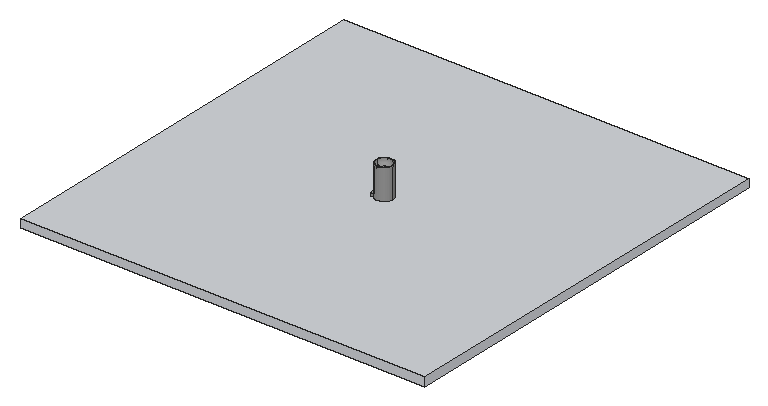
Revit family "LAMP_KOMBIC 100 SURFACE TRACK 2500 CRI80 OPAL DALI", category Luminarias, Revit 2018
Family settings
  Anfitrión = Cara
  Cota de conector redondo = Diámetro de uso
  Tipo de pieza = Normal
  Corte con vacíos al cargar = No
  Origen de luz = Sí
  Compartido = No
  Punto de cálculo de habitación = No
Parameters (values of type "1392LM 3000K  M/B")
  Ángulo de inclinación = -90.00°
  Weight = 0.498 kg
  UGR = ""
  Type = "COB PHILIPS"
  Protection rating = "IP40"
  Product datasheet = "http://www.lamp.es/product-files/TECH/K11TK2040OP830NMB-EN.pdf"
  Product code = "K11TK2040OP830DMB"
  Product URL = "https://www.lamp.es/en/family/kombic-surface_474354"
  Power Supply = "220-240V 50/60Hz"
  Power = 12 W
  Plum = 13.4 W
  Modelo = Product code  # "K11TK2040OP830DMB"
  Model explanation = "Possibility of chossing between surface or suspended within the model"
  Material reflector = LAMP_PC Reflector Kombic Metalizado Mate
  Material floron = LAMP_Plástico genérico NG
  Material difusor = LAMP_PMMA Difusor Kombic
  Material cuerpo = LAMP_Plástico genérico NG
  Material cable suspension = LAMP_Acero genérico
  Manufacturer name = "LAMP"
  Manufacturer country = "Spain"
  Manufacturer URL = "http://www.lamp.es/en"
  MacAdam = "3"
  Luminaire type = "Track"
  Last update = "27/07/2021"
  Lamp = "COB LED"
  LED Lifetime = "50.000 L80 B10"
  Insulation class = "I"
  Installation instructions = "https://www.lamp.es/product-files/packed/by-family/474354_INS_all.zip"
  IEE = "A+"
  Wattage = 13.4 W
  built-in parameter 1150107 = 3000 (stored number, unit not read)
  built-in parameter 1150110 = 1 (stored number, unit not read)
  built-in parameter 1150109 = 1 (stored number, unit not read)
  built-in parameter 1150112 = 1 (stored number, unit not read)
  built-in parameter 1150113 = 1 (stored number, unit not read)
  built-in parameter 1114218 = 1 (stored number, unit not read)
  built-in parameter 1150137 = (empty or 0)
  built-in parameter 1150132 = 2
  built-in parameter 1150105 = 1245.8 (stored number, unit not read)
  built-in parameter 1150102 = (empty or 0)
  built-in parameter 1150106 = 12.458 (stored number, unit not read)
  Height = 180 mm
  Gear = "Electronic"
  Lumens = 1392.26 lm
  Finish = "Matte black RAL 9011"
  Color Filter = 16777215
  built-in parameter 1114217 = 1 (stored number, unit not read)
  built-in parameter 1150139 = (empty or 0)
  Fabricante = Manufacturer name  # "LAMP"
  Default Elevation = 1219.2 mm
  built-in parameter 1150104 = 9.6526 (stored number, unit not read)
  Efficacy = 103.9 lm/W
  Diameter = 100 mm
  built-in parameter 1150115 = 1 (stored number, unit not read)
  built-in parameter 1150114 = 1 (stored number, unit not read)
  built-in parameter 1150138 = (empty or 0)
  built-in parameter 1150134 = (empty or 0)
  Dimming Lamp Color Temperature Shift = (empty or 0)
  CRI = "80"
  Archivo de red fotométrica = "K11rd2040OP830NMw.IES"
  built-in parameter 1150133 = 10 (stored number, unit not read)
Types (12, lengths in mm): name | Product datasheet | Product code | Plum | Modelo | Material reflector | Material cuerpo | Wattage | built-in parameter 1150107 | built-in parameter 1150105 | built-in parameter 1150106 | Lumens | Finish | built-in parameter 1150104 | Efficacy | built-in parameter 1150134 | Archivo de red fotométrica
  1392LM 3000K  M/B | "http://www.lamp.es/product-files/TECH/K11TK2040OP830NMB-EN.pdf" | "K11TK2040OP830DMB" | 13.4 W | "K11TK2040OP830DMB" | LAMP_PC Reflector Kombic Metalizado Mate | LAMP_Plástico genérico NG | 13.4 W | 3000 (stored number, unit not read) | 1245.8 (stored number, unit not read) | 12.458 (stored number, unit not read) | 1392.26 lm | "Matte black RAL 9011" | 9.6526 (stored number, unit not read) | 103.9 lm/W | (empty or 0) | "K11rd2040OP830NMw.IES"
  1392LM 3000K  M/W | "http://www.lamp.es/product-files/TECH/K11TK2040OP830NMW-EN.pdf" | "K11TK2040OP830DMW" | 13.4 W | "K11TK2040OP830DMW" | LAMP_PC Reflector Kombic Metalizado Mate | LAMP_Plástico genérico BL | 13.4 W | 3000 (stored number, unit not read) | 1245.8 (stored number, unit not read) | 12.458 (stored number, unit not read) | 1392.26 lm | "Matte Traffic white RAL 9016" | 9.6526 (stored number, unit not read) | 103.9 lm/W | (empty or 0) | "K11rd2040OP830NMw.IES"
  1454LM 3000K  W/B | "http://www.lamp.es/product-files/TECH/K11TK2040OP830NWB-EN.pdf" | "K11TK2040OP830DWB" | 13.4 W | "K11TK2040OP830DWB" | LAMP_PC Reflector Kombic Blanco | LAMP_Plástico genérico NG | 13.4 W | 3000 (stored number, unit not read) | 1301 (stored number, unit not read) | 13.01 (stored number, unit not read) | 1453.9 lm | "Matte black RAL 9011" | 10.08 (stored number, unit not read) | 108.5 lm/W | (empty or 0) | "K11rd2040OP830NWw.IES"
  1454LM 3000K  W/W | "http://www.lamp.es/product-files/TECH/K11TK2040OP830NWW-EN.pdf" | "K11TK2040OP830DWW" | 13.4 W | "K11TK2040OP830DWW" | LAMP_PC Reflector Kombic Blanco | LAMP_Plástico genérico BL | 13.4 W | 3000 (stored number, unit not read) | 1301 (stored number, unit not read) | 13.01 (stored number, unit not read) | 1453.9 lm | "Matte Traffic white RAL 9016" | 10.08 (stored number, unit not read) | 108.5 lm/W | (empty or 0) | "K11rd2040OP830NWW.IES"
  1460LM 3000K  BR/B | "http://www.lamp.es/product-files/TECH/K11TK2040OP830NRB-EN.pdf" | "K11TK2040OP830DRB" | 13.7 W | "K11TK2040OP830DRB" | LAMP_PC Reflector Kombic Metalizado Brillante | LAMP_Plástico genérico NG | 13.7 W | 3000 (stored number, unit not read) | 1306.8 (stored number, unit not read) | 13.068 (stored number, unit not read) | 1460.42 lm | "Matte black RAL 9011" | 9.9035 (stored number, unit not read) | 106.6 lm/W | (empty or 0) | "K11rd2040OP830NRw.IES"
  1460LM 3000K  BR/W | "http://www.lamp.es/product-files/TECH/K11TK2040OP830NRW-EN.pdf" | "K11TK2040OP830DRW" | 13.7 W | "K11TK2040OP830DRW" | LAMP_PC Reflector Kombic Metalizado Brillante | LAMP_Plástico genérico BL | 13.7 W | 3000 (stored number, unit not read) | 1306.8 (stored number, unit not read) | 13.068 (stored number, unit not read) | 1460.42 lm | "Matte Traffic white RAL 9016" | 9.9035 (stored number, unit not read) | 106.6 lm/W | (empty or 0) | "K11rd2040OP830NRW.IES"
  1474LM 4000K  M/B | "http://www.lamp.es/product-files/TECH/K11TK2040OP840NMB-EN.pdf" | "K11TK2040OP840DMB" | 13.4 W | "K11TK2040OP840DMB" | LAMP_PC Reflector Kombic Metalizado Mate | LAMP_Plástico genérico NG | 13.4 W | 4000 (stored number, unit not read) | 1319 (stored number, unit not read) | 13.19 (stored number, unit not read) | 1474 lm | "Matte black RAL 9011" | 10.219 (stored number, unit not read) | 110 lm/W | 12 | "K11rd2040OP840NMw.IES"
  1474LM 4000K  M/W | "http://www.lamp.es/product-files/TECH/K11TK2040OP840NMW-EN.pdf" | "K11TK2040OP840DMW" | 13.4 W | "K11TK2040OP840DMW" | LAMP_PC Reflector Kombic Metalizado Mate | LAMP_Plástico genérico BL | 13.4 W | 4000 (stored number, unit not read) | 1319 (stored number, unit not read) | 13.19 (stored number, unit not read) | 1474 lm | "Matte Traffic white RAL 9016" | 10.219 (stored number, unit not read) | 110 lm/W | 12 | "K11rd2040OP840NMW.IES"
  1541LM 4000K  W/B | "http://www.lamp.es/product-files/TECH/K11TK2040OP840NWB-EN.pdf" | "K11TK2040OP840DWB" | 13.4 W | "K11TK2040OP840DWB" | LAMP_PC Reflector Kombic Blanco | LAMP_Plástico genérico NG | 13.4 W | 4000 (stored number, unit not read) | 1378.9 (stored number, unit not read) | 13.789 (stored number, unit not read) | 1541 lm | "Matte black RAL 9011" | 10.684 (stored number, unit not read) | 115 lm/W | 12 | "K11rd2040OP840NWw.IES"
  1541LM 4000K  W/W | "http://www.lamp.es/product-files/TECH/K11TK2040OP840NWW-EN.pdf" | "K11TK2040OP840DWW" | 13.4 W | "K11TK2040OP840DWW" | LAMP_PC Reflector Kombic Blanco | LAMP_Plástico genérico BL | 13.4 W | 4000 (stored number, unit not read) | 1378.9 (stored number, unit not read) | 13.789 (stored number, unit not read) | 1541 lm | "Matte Traffic white RAL 9016" | 10.684 (stored number, unit not read) | 115 lm/W | 12 | "K11rd2040OP840NWW.IES"
  1547LM 4000K  BR/B | "http://www.lamp.es/product-files/TECH/K11TK2040OP840NRB-EN.pdf" | "K11TK2040OP840DRB" | 13.4 W | "K11TK2040OP840DRB" | LAMP_PC Reflector Kombic Metalizado Brillante | LAMP_Plástico genérico NG | 13.4 W | 4000 (stored number, unit not read) | 1383.7 (stored number, unit not read) | 13.837 (stored number, unit not read) | 1546.36 lm | "Matte black RAL 9011" | 10.721 (stored number, unit not read) | 115.4 lm/W | 12 | "K11rd2040OP840NRw.IES"
  1547LM 4000K  BR/W | "http://www.lamp.es/product-files/TECH/K11TK2040OP840NRW-EN.pdf" | "K11TK2040OP840DRW" | 13.4 W | "K11TK2040OP840DRW" | LAMP_PC Reflector Kombic Metalizado Brillante | LAMP_Plástico genérico BL | 13.4 W | 4000 (stored number, unit not read) | 1383.7 (stored number, unit not read) | 13.837 (stored number, unit not read) | 1546.36 lm | "Matte Traffic white RAL 9016" | 10.721 (stored number, unit not read) | 115.4 lm/W | 12 | "K11rd2040OP840NRW.IES"
Reference planes
  plane 1 "Centro (Frontal/Posterior)": y = 0
  plane 2: z = 0
  plane 3 "Centro (Izquierda/Derecha)": x = 0
Forms (mm)
  Extrusion 1, solid
    sketch origin (0, 0, 0) x (1, 0, 0) y (0, 1, 0)
      loop
        line (-1219.2, 1219.2) -> (-1219.2, -1219.2) -> (1219.2, -1219.2) -> (1219.2, 1219.2) -> (-1219.2, 1219.2)
    from 0 to -50
  Extrusion 2, solid, material "LAMP_Plástico genérico NG" <- "Material cuerpo"
    sketch origin (0, 0, 0) x (1, 0, 0) y (0, 1, 0)
      loop
        circle (0, 0) r 50
    from 14 to 194
  Extrusion 3, void
    sketch origin (0, 0, 0) x (1, 0, 0) y (0, 1, 0)
      loop
        circle (0, 0) r 48
    from 25.333 to 194
  Sweep 4, solid, material "LAMP_PC Reflector Kombic Metalizado Mate" <- "Material reflector"
    path origin (105.103, -251.845, 194) x (1, 0, 0) y (0, 1, 0)
      loop
        circle (-105.103, 251.959) r 48
    profile origin (0, 48.114, 194) x (0, -1, 0) y (0, 0, 1)
      loop
        arc (0, 0) -> (6.616, -20.646) -> (24, -33.6) r 35.52
        line (24, -33.6) -> (24, -32.6)
        arc (24, -32.6) -> (7.196, -20.217) -> (2, 0) r 31.112
        line (2, 0) -> (0, 0)
  Extrusion 5, solid, material "LAMP_PMMA Difusor Kombic" <- "Material difusor"
    sketch origin (0, 0, 0) x (1, 0, 0) y (0, 1, 0)
      loop
        circle (0, 0) r 24
    from 160.4 to 161.4
  Extrusion 6, solid, material "LAMP_Plástico genérico NG" <- "Material cuerpo"
    sketch origin (0, 0, 0) x (1, 0, 0) y (0, 1, 0)
      loop
        arc (-66.129, 16) -> (-70, 0) -> (-66.129, -16) r 35
        line (-66.129, -16) -> (-3.871, -16)
        arc (-3.871, -16) -> (0, 0) -> (-3.871, 16) r 35
        line (-3.871, 16) -> (-66.129, 16)
    from -26 to 14
  Extrusion 7, void
    sketch origin (0, 0, 0) x (0, 1, 0) y (0, 0, 1)
      loop
        line (17, 0) -> (7, 0) -> (7, -25) -> (-7, -25) -> (-7, 0) -> (-17, 0) -> (-17, -26) -> (17, -26) -> (17, 0)
    from -82.029 to 0
Cuts and joins
  Extrusion 3 cuts Extrusion 2
  Extrusion 7 cuts Extrusion 6
Text (mm)
  text "Any modification of the parameters and properties of the LAMP BIM models must be executed and validated by the LAMP technical department.\nPhone: +34 93 736 68 00\nE-mail: lamp@lamp.es\n\nLAMP reserves the right to modify the technical specifications of its products." at (1856.491, -4316.333, -2622.127), in view "Preview"
Dimensions and locks
  Extrusion 2 to Extrusion 2 = 180 mm
  cut or joined group of Extrusion 2, Extrusion 3 to cut or joined group of Extrusion 2, Extrusion 3 = 168.667 mm
  aligned and locked: plane 2 to Extrusion 1
  aligned and locked: level to Extrusion 1
  aligned and locked: Extrusion 2 to Extrusion 3
  aligned and locked: Sweep 4 to Extrusion 5
  aligned and locked: Extrusion 5 to Sweep 4
  aligned and locked: imposter light to cut or joined group of Extrusion 2, Extrusion 3
Connectors
  electrical at (0, 0, 14)
    settings: on cut or joined group of Extrusion 2, Extrusion 3, index 1, voltage 230 V, apparent load 0 VA, apparent load phase1 0 VA, apparent load phase2 0 VA, apparent load phase3 0 VA, power factor 1, load classification "Otro", number of poles 1, system type 31, power factor state 1, is connector primary yes, connector utility no, sub classification motor no, connector description ""
